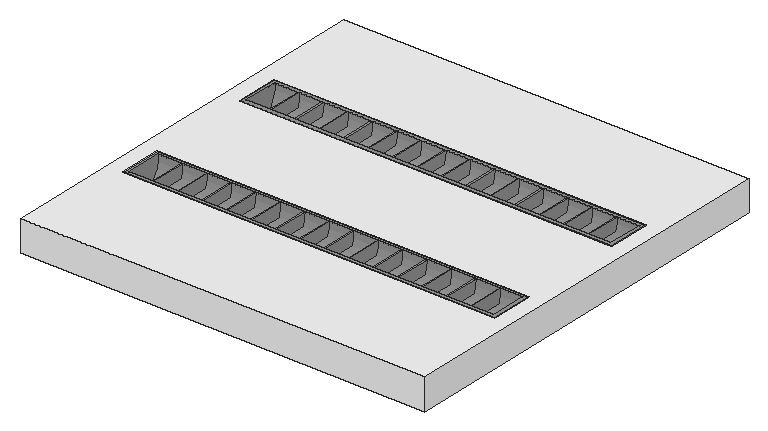
Revit family "0051236 Lighting Fixture_Sylvania_Rana LED 615x615-Analogue 1-10 dimmable-4000K_Surface Mounted", category Lighting Fixtures, host Face, Revit 2015
Parameters (values of type "RANA LED D W CM+P 2*LH 1-10 4K")
  Width = 615.0 mm
  Weight = 3.50 kg
  Wattage = 64.3617 W
  built-in parameter 1150110 = 1 (stored number, unit not read)
  Voltage Comments = "UNV (Universal Voltage; 220-240 Volt)"  # constant formula
  Voltage = 230 V  # constant formula
  URL = "http://www.feilosylvania.com/"
  built-in parameter 1114217 = 1 (stored number, unit not read)
  Tilt Angle = -90.00°
  built-in parameter 1150109 = 1 (stored number, unit not read)
  built-in parameter 1150134 = 12
  built-in parameter 1150113 = 1 (stored number, unit not read)
  Reflector Material = Steel_Sylvania_RanaLED_Silver
  Product Page URL = "http://www.feilosylvania.com/product/en-int/products/0051236"
  Product Family = "Rana LED 615x615-Analogue 1-10 dimmable-4000K Lamp"  # constant formula
  Photometry Comments = ""
  Photometric Web File = "0051236_RANALEDDWCM+P2LH1-104K-186648.ies"
  Louver Length = Length - 50.0 mm  # 565.0 mm
  Life = "50 000h"  # constant formula
  Length = Width  # 615.0 mm
  IP Rating = "20"  # constant formula
  IK Rating = "07"  # constant formula
  Height = 47.0 mm
  Energy Class = "A++, A+, A"  # constant formula
  built-in parameter 1114216 [instance] = 1 (stored number, unit not read)
  Model = "RANA LED D W CM+P 2*LH 1-10 4K"
  Manufacturer = "Feilo Sylvania"  # constant formula
  built-in parameter 1150105 = 3465.5 (stored number, unit not read)
  Lumens = 6050 lm
  built-in parameter 1150115 = 1 (stored number, unit not read)
  built-in parameter 1150137 = (empty or 0)
  built-in parameter 1150139 = (empty or 0)
  built-in parameter 1150112 = 1 (stored number, unit not read)
  built-in parameter 1150114 = 1 (stored number, unit not read)
  Lamp = "Integrated LED"  # constant formula
  built-in parameter 1150132 = 2
  built-in parameter 1150102 = (empty or 0)
  built-in parameter 1150107 = 4000 (stored number, unit not read)
  built-in parameter 1150138 = (empty or 0)
  built-in parameter 1150106 = 34.655 (stored number, unit not read)
  Emit from Rectangle Width = 287.0 mm  # constant formula
  Emit from Rectangle Length = Louver Length  # 565.0 mm
  Emit Shape Visible in Rendering = no
  built-in parameter 1150104 = 8.7329 (stored number, unit not read)
  Dimming Lamp Color Temperature Shift = <None>
  Description = "Provides perfect uniform light distribution greatly enhancing the lit space. Low profile for ease of installation in restricted ceiling voids. Two stage optic for optimum comfort and efficiency. UGR19 office compliant. Enclosed design reduces dust ingress and improves Lumen Maintenance Factor (LMF). 32W - 69W LED surface luminaire. Rana LED is perfect for office lighting applications, schools, airports and general lighting applications. Available with a satin optic and micro prism diffuser. Available in surface (615 X 615, 1183 X 1187). Rana LED delivers high efficiency up to 6,050lm (luminaire lumen output on 4,000K version), equating to 101lm/W (total system efficiency). Available in warm white (3,000K) and neutral white (4,000K). Integrated LED solution that has the same aesthetics as a T5 or T8 diffuse luminaire. Energy efficient electronic gear including DALI and 3 hour emergency versions as standard. Long lifetime: 50,000 hours life at 70% of the original output L70. Less maintenance is required due to the long lifetime of 50,000hrs. Energy Class: A++, A+, A. LED technology provides an energy efficient solution with reduced maintenance costs. Comes complete with safety cable"  # constant formula
  Default Elevation = 0.0 mm
  Color Filter = 16777215
  Catalog Number = "0051236 RANA LED D W CM+P 2*LH 1-10 4K"
  built-in parameter 1140040 [instance] = 1
  built-in parameter 1114218 = 1 (stored number, unit not read)
  built-in parameter 1150133 = 10 (stored number, unit not read)
  Assembly Code = "D5020200"
  Apparent Load Comments = ""
  Apparent Load = 64 VA
  Accessory Material = Aluminum_Sylvania_RanaLED_White
Types (5, lengths in mm): name | Weight | Wattage | built-in parameter 1150134 | Product Page URL | Photometric Web File | Model | built-in parameter 1150105 | Lumens | built-in parameter 1150107 | built-in parameter 1150106 | Catalog Number | Apparent Load
  RANA LED D W CM+P 2*LL 3K | 5.10 kg | 31.5957 W | (empty or 0) | "http://www.feilosylvania.com/product/en-int/products/0051223" | "0051223_RANALEDDWCM+P2LL3K-186491.ies" | "RANA LED D W CM+P 2*LL 3K" | 1712 (stored number, unit not read) | 2970 lm | 3000 (stored number, unit not read) | 17.12 (stored number, unit not read) | "0051223 RANA LED D W CM+P 2*LL 3K" | 32 VA
  RANA LED D W CM+P 3*LL 3K | 5.10 kg | 47.5532 W | (empty or 0) | "http://www.feilosylvania.com/product/en-int/products/0051231" | "0051231_RANALEDDWCM+P3LL3K-186501.ies" | "RANA LED D W CM+P 3*LL 3K" | 355.71 (stored number, unit not read) | 4470 lm | 3000 (stored number, unit not read) | 3.5571 (stored number, unit not read) | "0051231 RANA LED D W CM+P 3*LL 3K" | 48 VA
  RANA LED D W CM+P 2*LH 3K | 3.50 kg | 60.1064 W | (empty or 0) | "http://www.feilosylvania.com/product/en-int/products/0051239" | "0051239_RANALEDDWCM+P2LH3K-186511.ies" | "RANA LED D W CM+P 2*LH 3K" | 3250.7 (stored number, unit not read) | 5650 lm | 3000 (stored number, unit not read) | 32.507 (stored number, unit not read) | "0051239 RANA LED D W CM+P 2*LH 3K" | 64 VA
  RANA LED D W CM+P 2*LH 4K | 3.50 kg | 64.3617 W | 12 | "http://www.feilosylvania.com/product/en-int/products/0051234" | "0051234_RANALEDDWCM+P2LH4K-186556.ies" | "RANA LED D W CM+P 2*LH 4K" | 3465.5 (stored number, unit not read) | 6050 lm | 4000 (stored number, unit not read) | 34.655 (stored number, unit not read) | "0051234 RANA LED D W CM+P 2*LH 4K" | 64 VA
  RANA LED D W CM+P 2*LH 1-10 4K | 3.50 kg | 64.3617 W | 12 | "http://www.feilosylvania.com/product/en-int/products/0051236" | "0051236_RANALEDDWCM+P2LH1-104K-186648.ies" | "RANA LED D W CM+P 2*LH 1-10 4K" | 3465.5 (stored number, unit not read) | 6050 lm | 4000 (stored number, unit not read) | 34.655 (stored number, unit not read) | "0051236 RANA LED D W CM+P 2*LH 1-10 4K" | 64 VA
Reference planes
  plane 1 "Center (Front/Back)": y = 0
  plane 2 "Fixture Top": z = 0
  plane 3 "Center (Left/Right)": x = 0
  plane 4 "Fixture Left": x = -307.5
  plane 5 "Fixture Right": x = 307.5
  plane 6 "Fixture Back": y = 307.5
  plane 7 "Fixture Front": y = -307.5
  plane 8: x = -305.5
  plane 9: x = 305.5
  plane 10: y = 305.5
  plane 11: y = -305.5
  plane 12: y = 143.5
  plane 13: x = -282.5
  plane 14: x = 282.5
  plane 15: y = 78.5
  plane 16: y = -143.5
  plane 17: y = -78.5
  plane 18 "Fixture Bottom": z = 47
  plane 19: z = 45
  plane 20: z = 2
Forms (mm)
  Extrusion 1, solid, material "Aluminum_Sylvania_RanaLED_White" <- "Accessory Material", detail levels fine
    sketch origin (0, 0, 60) x (-1, 0, 0) y (0, -1, 0)
      loop
        line (307.5, -307.5) -> (307.5, 307.5) -> (-307.5, 307.5) -> (-307.5, -307.5) -> (307.5, -307.5)
      loop
        line (282.5, -78.5) -> (-282.5, -78.5) -> (-282.5, -143.5) -> (282.5, -143.5) -> (282.5, -78.5)
      loop
        line (-282.5, 78.5) -> (282.5, 78.5) -> (282.5, 143.5) -> (-282.5, 143.5) -> (-282.5, 78.5)
    from -15 to -13
  Extrusion 2, solid, material "Aluminum_Sylvania_RanaLED_White" <- "Accessory Material", detail levels fine
    sketch origin (0, 0, 60) x (-1, 0, 0) y (0, -1, 0)
      loop
        line (-307.5, -307.5) -> (307.5, -307.5) -> (307.5, 307.5) -> (-307.5, 307.5) -> (-307.5, -307.5)
      loop
        line (-305.5, -305.5) -> (305.5, -305.5) -> (305.5, 305.5) -> (-305.5, 305.5) -> (-305.5, -305.5)
    from -58 to -15
  Extrusion 3, solid, material "Aluminum_Sylvania_RanaLED_White" <- "Accessory Material", detail levels fine
    sketch origin (0, 0, 60) x (-1, 0, 0) y (0, -1, 0)
      loop
        line (-307.5, -307.5) -> (307.5, -307.5) -> (307.5, 307.5) -> (-307.5, 307.5) -> (-307.5, -307.5)
    from -60 to -58
  Extrusion 4, solid, material "Aluminum_Sylvania_RanaLED_White" <- "Accessory Material", detail levels coarse+medium
    sketch origin (0, 0, 60) x (-1, 0, 0) y (0, -1, 0)
      loop
        line (307.5, -307.5) -> (307.5, 307.5) -> (-307.5, 307.5) -> (-307.5, -307.5) -> (307.5, -307.5)
    from -60 to -13
Cuts and joins
  joined: Extrusion 1, Extrusion 2, Extrusion 3
Dimensions and locks
  equal spacing: plane 6 "Fixture Back", plane 1 "Center (Front/Back)", plane 7 "Fixture Front"
  "Width": plane 6 "Fixture Back" to plane 7 "Fixture Front"
  equal spacing: plane 4 "Fixture Left", plane 3 "Center (Left/Right)", plane 5 "Fixture Right"
  "Length": plane 4 "Fixture Left" to plane 5 "Fixture Right"
  locked: plane 4 "Fixture Left" to plane 8 at 2
  locked: plane 9 to plane 5 "Fixture Right" at 2
  locked: plane 6 "Fixture Back" to plane 10 at 2
  locked: plane 7 "Fixture Front" to plane 11 at 2
  locked: plane 4 "Fixture Left" to plane 13 at 25
  locked: plane 14 to plane 5 "Fixture Right" at 25
  locked: plane 12 to plane 1 "Center (Front/Back)" at 143.5
  locked: plane 16 to plane 1 "Center (Front/Back)" at 143.5
  locked: plane 1 "Center (Front/Back)" to plane 15 at 78.5
  locked: plane 17 to plane 1 "Center (Front/Back)" at 78.5
  "Height": plane 18 "Fixture Bottom" to plane 2 "Fixture Top"
  locked: plane 18 "Fixture Bottom" to plane 19 at 2
  locked: plane 20 to plane 2 "Fixture Top" at 2
  aligned and locked: plane 2 "Fixture Top" to host face
  aligned and locked: level to host face
  aligned and locked: Extrusion 1 sketch curve to plane 6 "Fixture Back"
  aligned and locked: plane 4 "Fixture Left" to Extrusion 1 sketch curve
  aligned and locked: Extrusion 1 sketch curve to plane 7 "Fixture Front"
  aligned and locked: plane 5 "Fixture Right" to Extrusion 1 sketch curve
  aligned and locked: Extrusion 1 sketch curve to plane 15
  aligned and locked: Extrusion 1 sketch curve to plane 13  (x2)
  aligned and locked: plane 12 to Extrusion 1 sketch curve
  aligned and locked: Extrusion 1 sketch curve to plane 14  (x2)
  aligned and locked: Extrusion 1 sketch curve to plane 17
  aligned and locked: plane 16 to Extrusion 1 sketch curve
  aligned and locked: Extrusion 1 to plane 19
  aligned and locked: plane 18 "Fixture Bottom" to Extrusion 1
  aligned and locked: Extrusion 2 sketch curve to Extrusion 1  (x4)
  aligned and locked: plane 10 to Extrusion 2 sketch curve
  aligned and locked: Extrusion 2 sketch curve to plane 9
  aligned and locked: plane 11 to Extrusion 2 sketch curve
  aligned and locked: Extrusion 2 sketch curve to plane 8
  aligned and locked: Extrusion 2 to plane 20
  aligned and locked: plane 19 to Extrusion 2
  aligned and locked: Extrusion 3 sketch curve to Extrusion 1  (x4)
  aligned and locked: Extrusion 3 to plane 2 "Fixture Top"
  aligned and locked: plane 20 to Extrusion 3
  aligned and locked: plane 14 to nested 1
  aligned and locked: nested 1 to plane 12
  aligned and locked: plane 14 to nested 2
  aligned and locked: plane 17 to nested 2
  aligned and locked: nested 2 to plane 18 "Fixture Bottom"
  aligned and locked: nested 1 to plane 18 "Fixture Bottom"
  aligned and locked: plane 3 "Center (Left/Right)" to imposter light
  aligned and locked: imposter light to plane 1 "Center (Front/Back)"
  aligned and locked: plane 18 "Fixture Bottom" to imposter light
  aligned and locked: Extrusion 4 sketch curve to cut or joined group of Extrusion 1, Extrusion 2, Extrusion 3  (x4)
  aligned and locked: Extrusion 4 to plane 2 "Fixture Top"
  aligned and locked: plane 18 "Fixture Bottom" to Extrusion 4
Automatic sketch dimensions
  host sketch curve to host sketch curve = 1713.741 mm
  host sketch curve to host sketch curve = 1283.632 mm
Nested families
  nested 1: "Reflector Rana LED" at (0, 111, 7) x (0, 1, 0) z (0, 0, 1), type "Type", detail levels fine
    with Length 565.0 mm
  nested 2: "Reflector Rana LED" at (0, -111, 7) x (0, 1, 0) z (0, 0, 1), type "Type", detail levels fine
    with Length 565.0 mm
Connectors
  electrical at (0, 0, 0), driven by "Voltage", driven by "Apparent Load"
    settings: on cut or joined group of Extrusion 1, Extrusion 2, Extrusion 3, index 1, voltage 230 V, apparent load 0 VA, apparent load phase1 64 VA, apparent load phase2 0 VA, apparent load phase3 0 VA, power factor 1, load classification "Lighting", number of poles 1, system type 31, power factor state 1, is connector primary yes, connector utility no, sub classification motor no, connector description ""
Definition of nested family "Reflector Rana LED"
  Parameters
    Length = 558.0 mm
    Lamella Number = Length / 39.0 mm  # 14
    Height = 40.0 mm
    Width = 65.0 mm
    Default Elevation = 0.0 mm
    Reflector Material = none
  Reference planes
    plane 1 "Center (Front/Back)": y = 0
    plane 2: z = 0
    plane 3 "Center (Left/Right)": x = 0
    plane 4: x = 32.5
    plane 5: x = -32.5
    plane 6: z = 40
    plane 7: x = -27.5
    plane 8: x = 27.5
    plane 9: z = 3
    plane 10: x = -15
    plane 11: x = 15
    plane 12: y = 279
    plane 13: y = -279
    plane 14: y = 239
    plane 15: y = -239
    plane 16: y = 274
    plane 17: y = -274
    plane 18: z = 20
    plane 19: z = 38.5
  Forms (mm)
    Extrusion 1, solid, material <- "Reflector Material"
      sketch origin (0, 0, 0) x (1, 0, 0) y (0, 0, 1)
        loop
          line (-27.5, 40) -> (-32.5, 40) -> (-32.5, 0) -> (32.5, 0) -> (32.5, 40) -> (27.5, 40)
          arc (27.5, 40) -> (24.712, 20.33) -> (15, 3) r 54
          line (15, 3) -> (-15, 3)
          arc (-15, 3) -> (-24.712, 20.33) -> (-27.5, 40) r 54
      from -279 to 279
    Extrusion 2, solid, material <- "Reflector Material"
      sketch origin (0, 0, 0) x (1, 0, 0) y (0, 0, 1)
        loop
          line (32.5, 40) -> (-32.5, 40) -> (-32.5, 0) -> (32.5, 0) -> (32.5, 40)
      from 274 to 279
    Extrusion 3, solid, material <- "Reflector Material"
      sketch origin (0, 0, 0) x (1, 0, 0) y (0, 0, -1)
        loop
          line (32.5, -40) -> (32.5, 0) -> (-32.5, 0) -> (-32.5, -40) -> (32.5, -40)
      from 274 to 279
    Extrusion 4, solid, material <- "Reflector Material"
      sketch origin (0, -1, 0) x (1, 0, 0) y (0, 0, 1)
        loop
          line (-24.599, 20) -> (24.599, 20)
          arc (24.599, 20) -> (26.881, 29.121) -> (27.545, 38.5) r 54
          line (27.545, 38.5) -> (-27.545, 38.5)
          arc (-27.545, 38.5) -> (-26.881, 29.121) -> (-24.599, 20) r 54
      from -240 to -238
    Extrusion 5, solid, material <- "Reflector Material"
      sketch origin (0, -477, 0) x (1, 0, 0) y (0, 0, 1)
        loop
          line (-24.599, 20) -> (24.599, 20)
          arc (24.599, 20) -> (26.881, 29.121) -> (27.545, 38.5) r 54
          line (27.545, 38.5) -> (-27.545, 38.5)
          arc (-27.545, 38.5) -> (-26.881, 29.121) -> (-24.599, 20) r 54
      from -240 to -238
    Extrusion 6, solid, material <- "Reflector Material"
      sketch origin (0, -37.615, 0) x (1, 0, 0) y (0, 0, 1)
        loop
          line (-24.599, 20) -> (24.599, 20)
          arc (24.599, 20) -> (26.881, 29.121) -> (27.545, 38.5) r 54
          line (27.545, 38.5) -> (-27.545, 38.5)
          arc (-27.545, 38.5) -> (-26.881, 29.121) -> (-24.599, 20) r 54
      from -240 to -238
    Extrusion 7, solid, material <- "Reflector Material"
      sketch origin (0, -74.231, 0) x (1, 0, 0) y (0, 0, 1)
        loop
          line (-24.599, 20) -> (24.599, 20)
          arc (24.599, 20) -> (26.881, 29.121) -> (27.545, 38.5) r 54
          line (27.545, 38.5) -> (-27.545, 38.5)
          arc (-27.545, 38.5) -> (-26.881, 29.121) -> (-24.599, 20) r 54
      from -240 to -238
    Extrusion 8, solid, material <- "Reflector Material"
      sketch origin (0, -110.846, 0) x (1, 0, 0) y (0, 0, 1)
        loop
          line (-24.599, 20) -> (24.599, 20)
          arc (24.599, 20) -> (26.881, 29.121) -> (27.545, 38.5) r 54
          line (27.545, 38.5) -> (-27.545, 38.5)
          arc (-27.545, 38.5) -> (-26.881, 29.121) -> (-24.599, 20) r 54
      from -240 to -238
    Extrusion 9, solid, material <- "Reflector Material"
      sketch origin (0, -147.462, 0) x (1, 0, 0) y (0, 0, 1)
        loop
          line (-24.599, 20) -> (24.599, 20)
          arc (24.599, 20) -> (26.881, 29.121) -> (27.545, 38.5) r 54
          line (27.545, 38.5) -> (-27.545, 38.5)
          arc (-27.545, 38.5) -> (-26.881, 29.121) -> (-24.599, 20) r 54
      from -240 to -238
    Extrusion 10, solid, material <- "Reflector Material"
      sketch origin (0, -184.077, 0) x (1, 0, 0) y (0, 0, 1)
        loop
          line (-24.599, 20) -> (24.599, 20)
          arc (24.599, 20) -> (26.881, 29.121) -> (27.545, 38.5) r 54
          line (27.545, 38.5) -> (-27.545, 38.5)
          arc (-27.545, 38.5) -> (-26.881, 29.121) -> (-24.599, 20) r 54
      from -240 to -238
    Extrusion 11, solid, material <- "Reflector Material"
      sketch origin (0, -220.692, 0) x (1, 0, 0) y (0, 0, 1)
        loop
          line (-24.599, 20) -> (24.599, 20)
          arc (24.599, 20) -> (26.881, 29.121) -> (27.545, 38.5) r 54
          line (27.545, 38.5) -> (-27.545, 38.5)
          arc (-27.545, 38.5) -> (-26.881, 29.121) -> (-24.599, 20) r 54
      from -240 to -238
    Extrusion 12, solid, material <- "Reflector Material"
      sketch origin (0, -257.308, 0) x (1, 0, 0) y (0, 0, 1)
        loop
          line (-24.599, 20) -> (24.599, 20)
          arc (24.599, 20) -> (26.881, 29.121) -> (27.545, 38.5) r 54
          line (27.545, 38.5) -> (-27.545, 38.5)
          arc (-27.545, 38.5) -> (-26.881, 29.121) -> (-24.599, 20) r 54
      from -240 to -238
    Extrusion 13, solid, material <- "Reflector Material"
      sketch origin (0, -293.923, 0) x (1, 0, 0) y (0, 0, 1)
        loop
          line (-24.599, 20) -> (24.599, 20)
          arc (24.599, 20) -> (26.881, 29.121) -> (27.545, 38.5) r 54
          line (27.545, 38.5) -> (-27.545, 38.5)
          arc (-27.545, 38.5) -> (-26.881, 29.121) -> (-24.599, 20) r 54
      from -240 to -238
    Extrusion 14, solid, material <- "Reflector Material"
      sketch origin (0, -330.538, 0) x (1, 0, 0) y (0, 0, 1)
        loop
          line (-24.599, 20) -> (24.599, 20)
          arc (24.599, 20) -> (26.881, 29.121) -> (27.545, 38.5) r 54
          line (27.545, 38.5) -> (-27.545, 38.5)
          arc (-27.545, 38.5) -> (-26.881, 29.121) -> (-24.599, 20) r 54
      from -240 to -238
    Extrusion 15, solid, material <- "Reflector Material"
      sketch origin (0, -367.154, 0) x (1, 0, 0) y (0, 0, 1)
        loop
          line (-24.599, 20) -> (24.599, 20)
          arc (24.599, 20) -> (26.881, 29.121) -> (27.545, 38.5) r 54
          line (27.545, 38.5) -> (-27.545, 38.5)
          arc (-27.545, 38.5) -> (-26.881, 29.121) -> (-24.599, 20) r 54
      from -240 to -238
    Extrusion 16, solid, material <- "Reflector Material"
      sketch origin (0, -403.769, 0) x (1, 0, 0) y (0, 0, 1)
        loop
          line (-24.599, 20) -> (24.599, 20)
          arc (24.599, 20) -> (26.881, 29.121) -> (27.545, 38.5) r 54
          line (27.545, 38.5) -> (-27.545, 38.5)
          arc (-27.545, 38.5) -> (-26.881, 29.121) -> (-24.599, 20) r 54
      from -240 to -238
    Extrusion 17, solid, material <- "Reflector Material"
      sketch origin (0, -440.385, 0) x (1, 0, 0) y (0, 0, 1)
        loop
          line (-24.599, 20) -> (24.599, 20)
          arc (24.599, 20) -> (26.881, 29.121) -> (27.545, 38.5) r 54
          line (27.545, 38.5) -> (-27.545, 38.5)
          arc (-27.545, 38.5) -> (-26.881, 29.121) -> (-24.599, 20) r 54
      from -240 to -238
  Cuts and joins
    joined: Extrusion 1, Extrusion 2, Extrusion 3
  Dimensions and locks
    equal spacing: plane 4, plane 3 "Center (Left/Right)", plane 5
    "Width": plane 5 to plane 4
    "Height": plane 6 to level
    locked: plane 7 to plane 5 at 5
    locked: plane 8 to plane 4 at 5
    locked: plane 5 to plane 10 at 17.5
    locked: plane 4 to plane 11 at 17.5
    equal spacing: plane 13, plane 1 "Center (Front/Back)", plane 12
    "Length": plane 12 to plane 13
    locked: plane 12 to plane 14 at 40
    locked: plane 15 to plane 13 at 40
    locked: plane 17 to plane 13 at 5
    locked: plane 12 to plane 16 at 5
    equal spacing: group 1, group 3, group 4, group 5, group 6, group 7, group 8, group 9, group 10, group 11, group 12, group 13, group 14, group 2  (x2)
    equal spacing: group 2, group 14, group 13, group 12, group 11, group 10, group 9, group 8, group 7, group 6, group 5, group 4, group 3, group 1
    locked: plane 6 to plane 19 at 1.5
    locked: plane 6 to plane 18 at 20
    locked: plane 6 to plane 9 at 37
    aligned and locked: level to plane 2
    aligned and locked: plane 10 to Extrusion 1 sketch curve
    aligned and locked: plane 6 to Extrusion 1 sketch curve
    aligned and locked: plane 7 to Extrusion 1 sketch curve
    aligned and locked: plane 8 to Extrusion 1 sketch curve
    aligned and locked: plane 9 to Extrusion 1 sketch curve  (x2)
    aligned and locked: plane 11 to Extrusion 1 sketch curve
    aligned and locked: Extrusion 1 sketch curve to plane 5
    aligned and locked: plane 2 to Extrusion 1 sketch curve
    aligned and locked: Extrusion 1 sketch curve to plane 4
    aligned and locked: Extrusion 1 sketch curve to plane 6  (x2)
    aligned and locked: plane 12 to Extrusion 1
    aligned and locked: Extrusion 1 to plane 13
    aligned and locked: Extrusion 2 sketch curve to Extrusion 1  (x4)
    aligned and locked: Extrusion 2 to plane 13
    aligned and locked: Extrusion 2 to plane 17
    aligned and locked: plane 12 to Extrusion 3
    aligned and locked: Extrusion 3 to plane 16
    aligned and locked: Extrusion 4 to plane 14
    aligned and locked: Extrusion 5 to plane 15
    aligned and locked: plane 14 to Extrusion 4
    aligned and locked: Extrusion 4 to plane 18
    aligned and locked: plane 19 to Extrusion 4
    aligned and locked: plane 19 to Extrusion 5
    aligned and locked: Extrusion 5 to plane 18
  Automatic sketch dimensions
    Extrusion 1 sketch curve to plane 19 = 0.886 mm  (x2)
    plane 5 to Extrusion 3 sketch curve = 0.0 mm
    Extrusion 3 sketch curve to level = 0.0 mm
    Extrusion 3 sketch curve to plane 4 = 0.0 mm
    Extrusion 3 sketch curve to plane 6 = 0.0 mm
    Extrusion 4 sketch curve to Extrusion 4 sketch curve = 2.946 mm  (x2)
    Extrusion 4 sketch curve to Extrusion 4 sketch curve = 49.199 mm
    Extrusion 4 sketch curve to Extrusion 4 sketch curve = 1.098 mm  (x2)
    Extrusion 4 sketch curve to Extrusion 4 sketch curve = 18.5 mm
    Extrusion 5 sketch curve to Extrusion 5 sketch curve = 2.946 mm  (x2)
    Extrusion 5 sketch curve to Extrusion 5 sketch curve = 49.199 mm
    Extrusion 5 sketch curve to Extrusion 5 sketch curve = 1.098 mm  (x2)
    Extrusion 5 sketch curve to Extrusion 5 sketch curve = 18.5 mm
    Extrusion 6 sketch curve to Extrusion 6 sketch curve = 2.946 mm  (x2)
    Extrusion 6 sketch curve to Extrusion 6 sketch curve = 49.199 mm
    Extrusion 6 sketch curve to Extrusion 6 sketch curve = 1.098 mm  (x2)
    Extrusion 6 sketch curve to Extrusion 6 sketch curve = 18.5 mm
    Extrusion 7 sketch curve to Extrusion 7 sketch curve = 2.946 mm  (x2)
    Extrusion 7 sketch curve to Extrusion 7 sketch curve = 49.199 mm
    Extrusion 7 sketch curve to Extrusion 7 sketch curve = 1.098 mm  (x2)
    Extrusion 7 sketch curve to Extrusion 7 sketch curve = 18.5 mm
    Extrusion 8 sketch curve to Extrusion 8 sketch curve = 2.946 mm  (x2)
    Extrusion 8 sketch curve to Extrusion 8 sketch curve = 49.199 mm
    Extrusion 8 sketch curve to Extrusion 8 sketch curve = 1.098 mm  (x2)
    Extrusion 8 sketch curve to Extrusion 8 sketch curve = 18.5 mm
    Extrusion 9 sketch curve to Extrusion 9 sketch curve = 2.946 mm  (x2)
    Extrusion 9 sketch curve to Extrusion 9 sketch curve = 49.199 mm
    Extrusion 9 sketch curve to Extrusion 9 sketch curve = 1.098 mm  (x2)
    Extrusion 9 sketch curve to Extrusion 9 sketch curve = 18.5 mm
    Extrusion 10 sketch curve to Extrusion 10 sketch curve = 2.946 mm  (x2)
    Extrusion 10 sketch curve to Extrusion 10 sketch curve = 49.199 mm
    Extrusion 10 sketch curve to Extrusion 10 sketch curve = 1.098 mm  (x2)
    Extrusion 10 sketch curve to Extrusion 10 sketch curve = 18.5 mm
    Extrusion 11 sketch curve to Extrusion 11 sketch curve = 2.946 mm  (x2)
    Extrusion 11 sketch curve to Extrusion 11 sketch curve = 49.199 mm
    Extrusion 11 sketch curve to Extrusion 11 sketch curve = 1.098 mm  (x2)
    Extrusion 11 sketch curve to Extrusion 11 sketch curve = 18.5 mm
    Extrusion 12 sketch curve to Extrusion 12 sketch curve = 2.946 mm  (x2)
    Extrusion 12 sketch curve to Extrusion 12 sketch curve = 49.199 mm
    Extrusion 12 sketch curve to Extrusion 12 sketch curve = 1.098 mm  (x2)
    Extrusion 12 sketch curve to Extrusion 12 sketch curve = 18.5 mm
    Extrusion 13 sketch curve to Extrusion 13 sketch curve = 2.946 mm  (x2)
    Extrusion 13 sketch curve to Extrusion 13 sketch curve = 49.199 mm
    Extrusion 13 sketch curve to Extrusion 13 sketch curve = 1.098 mm  (x2)
    Extrusion 13 sketch curve to Extrusion 13 sketch curve = 18.5 mm
    Extrusion 14 sketch curve to Extrusion 14 sketch curve = 2.946 mm  (x2)
    Extrusion 14 sketch curve to Extrusion 14 sketch curve = 49.199 mm
    Extrusion 14 sketch curve to Extrusion 14 sketch curve = 1.098 mm  (x2)
    Extrusion 14 sketch curve to Extrusion 14 sketch curve = 18.5 mm
    Extrusion 15 sketch curve to Extrusion 15 sketch curve = 2.946 mm  (x2)
    Extrusion 15 sketch curve to Extrusion 15 sketch curve = 49.199 mm
    Extrusion 15 sketch curve to Extrusion 15 sketch curve = 1.098 mm  (x2)
    Extrusion 15 sketch curve to Extrusion 15 sketch curve = 18.5 mm
    Extrusion 16 sketch curve to Extrusion 16 sketch curve = 2.946 mm  (x2)
    Extrusion 16 sketch curve to Extrusion 16 sketch curve = 49.199 mm
    Extrusion 16 sketch curve to Extrusion 16 sketch curve = 1.098 mm  (x2)
    Extrusion 16 sketch curve to Extrusion 16 sketch curve = 18.5 mm
    Extrusion 17 sketch curve to Extrusion 17 sketch curve = 2.946 mm  (x2)
    Extrusion 17 sketch curve to Extrusion 17 sketch curve = 49.199 mm
    Extrusion 17 sketch curve to Extrusion 17 sketch curve = 1.098 mm  (x2)
    Extrusion 17 sketch curve to Extrusion 17 sketch curve = 18.5 mm
